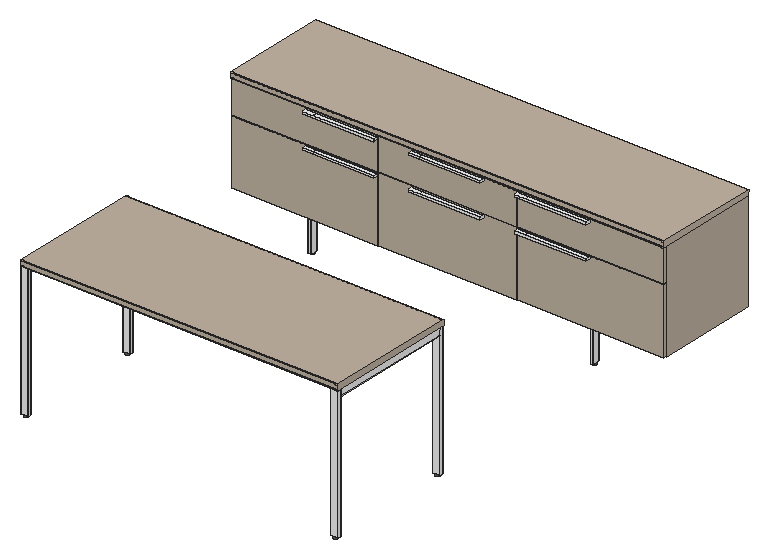
Revit family "FLT013", category Furniture, Revit 2015
Parameters
  Series = "Flux Laminate"
  Manufacturer = "JSI"
  Description = "FLT013"
Reference planes (in)
  plane 1 "Center Front/Back": y = 0
  plane 2: z = 0
  plane 3 "Center Left/Right": x = 0
Dimensions and locks (in)
  aligned and locked: level to plane 2
Nested families (in)
  nested 1: "JSI-Flux-Table_Desk" at (42.18587, -81.25, 0) x (-1, 0, 0) z (0, 0, 1), type "FLT2866TD,Laminate 66x27.5 Table Desk"
    with Modesty Panel no, Width 5' - 6", Depth 2' - 3 1/2"
  nested 2: "JSI-Flux- File_Strg_Crdnz_Fls_Lg" at (36.06413, -10.75, 0), type "FLT2290-29S666, Lt File Crdnz, Int Lg, Laminate"
    with Width 7' - 6", Top Doors yes, R_Shocket Dist 7' - 7", R_Pull Dist 4' - 11.61979", R_Pull yes, R1_Partition yes, Leg Width 4' - 11.85417", L_Socket Dist 7' - 7", Shelf Width 2' - 4.95833", Shelf Array Dist 0' - 0", Partition Dist 2' - 4.95833", L_Pull Dist 2' - 6.38021", L_Pull yes, L2_Partition yes, Glide yes, L909 no, L666 yes, L0 no, Ext_Shelf Width 2' - 5.70833", Door Width 2' - 6.33333", Door Height 1' - 1 9/16", Door Array Dist 4' - 11.41667", Door yes, C_Pull Dist 3' - 9", C_Pull yes, C_Doors yes, # of Shelf 2
Definition of nested family "JSI-Flux-Table_Desk"
  Parameters (values of type "Table Desk - Type Catalog Family")
    Worksurface = none
    Width = 6' - 0"
    URL = "www.jsifurniture.com"
    Type Comments = ""
    Series = "FLUX"  # constant formula
    Modesty Panel [instance] = yes
    Legs = none
    Model = "FLT3472TD"
    Material = ""
    Manufacturer = "JSI"  # constant formula
    Keynote = "12500"
    JSI Enviromental Website = "http://www.jsifurniture.com/jsi_sustainability_intro.php"
    Height = 2' - 5"
    Glides = none
    Support = none
    Description = "Table Desk, Depth 33.5”, Width 72”, Height 29”, Laminate"
    Depth = 2' - 9 1/2"
    Panel = none
    Assembly Code = "E2020200"
  Reference planes (in)
    plane 1: z = 0
    plane 2 "Center (Left/Right)": x = -36.06413
    plane 3: z = 29
    plane 4: z = 27.8125
    plane 5 "Center (Front/Back)": y = 10.75
    plane 6: z = 0.3125
    plane 7: x = -0.06413
    plane 8: x = 35.93587
    plane 9: y = -6
    plane 10: y = -22.75
  Forms (in)
    Sweep 1, solid, material <- "Worksurface"
      path origin (0, 0, 0) x (1, 0, 0) y (0, 1, 0)
        loop
          line (-36.06413, -6) -> (35.93587, -6)
      profile origin (-0.06413, -6, 0) x (0, 1, 0) y (0, 0, 1)
        loop
          line (16.625, 29) -> (-16.625, 29)
          arc (-16.625, 29) -> (-16.71339, 28.96339) -> (-16.75, 28.875) r 0.125
          line (-16.75, 28.875) -> (-16.75, 27.9375)
          arc (-16.75, 27.9375) -> (-16.71339, 27.84911) -> (-16.625, 27.8125) r 0.125
          line (-16.625, 27.8125) -> (16.625, 27.8125)
          arc (16.625, 27.8125) -> (16.71339, 27.84911) -> (16.75, 27.9375) r 0.125
          line (16.75, 27.9375) -> (16.75, 28.875)
          arc (16.75, 28.875) -> (16.71339, 28.96339) -> (16.625, 29) r 0.125
    Sweep 2, solid, material <- "Legs"
      path origin (0, 0, 0) x (1, 0, 0) y (0, 0, 1)
        loop
          line (-35.2498, 0.3125) -> (-35.2498, 27.8125)
      profile origin (-35.2498, 0, 14.0625) x (-1, 0, 0) y (0, -1, 0)
        loop
          line (-0.74817, -9.9375) -> (-0.74817, -10.5625)
          arc (-0.74817, -10.5625) -> (-0.72986, -10.60669) -> (-0.68567, -10.625) r 0.0625
          line (-0.68567, -10.625) -> (0.68933, -10.625)
          arc (0.68933, -10.625) -> (0.73353, -10.60669) -> (0.75183, -10.5625) r 0.0625
          line (0.75183, -10.5625) -> (0.75183, -9.9375)
          arc (0.75183, -9.9375) -> (0.73353, -9.89331) -> (0.68933, -9.875) r 0.0625
          line (0.68933, -9.875) -> (-0.68567, -9.875)
          arc (-0.68567, -9.875) -> (-0.72986, -9.89331) -> (-0.74817, -9.9375) r 0.0625
        loop
          line (-0.68567, 21.875) -> (0.68933, 21.875)
          arc (0.68933, 21.875) -> (0.73353, 21.89331) -> (0.75183, 21.9375) r 0.0625
          line (0.75183, 21.9375) -> (0.75183, 22.5625)
          arc (0.75183, 22.5625) -> (0.73353, 22.60669) -> (0.68933, 22.625) r 0.0625
          line (0.68933, 22.625) -> (-0.68567, 22.625)
          arc (-0.68567, 22.625) -> (-0.72986, 22.60669) -> (-0.74817, 22.5625) r 0.0625
          line (-0.74817, 22.5625) -> (-0.74817, 21.9375)
          arc (-0.74817, 21.9375) -> (-0.72986, 21.89331) -> (-0.68567, 21.875) r 0.0625
        loop
          line (-69.68567, -9.875) -> (-71.06067, -9.875)
          arc (-71.06067, -9.875) -> (-71.10486, -9.89331) -> (-71.12317, -9.9375) r 0.0625
          line (-71.12317, -9.9375) -> (-71.12317, -10.5625)
          arc (-71.12317, -10.5625) -> (-71.10486, -10.60669) -> (-71.06067, -10.625) r 0.0625
          line (-71.06067, -10.625) -> (-69.68567, -10.625)
          arc (-69.68567, -10.625) -> (-69.64147, -10.60669) -> (-69.62317, -10.5625) r 0.0625
          line (-69.62317, -10.5625) -> (-69.62317, -9.9375)
          arc (-69.62317, -9.9375) -> (-69.64147, -9.89331) -> (-69.68567, -9.875) r 0.0625
        loop
          line (-71.06067, 21.875) -> (-69.68567, 21.875)
          arc (-69.68567, 21.875) -> (-69.64147, 21.89331) -> (-69.62317, 21.9375) r 0.0625
          line (-69.62317, 21.9375) -> (-69.62317, 22.5625)
          arc (-69.62317, 22.5625) -> (-69.64147, 22.60669) -> (-69.68567, 22.625) r 0.0625
          line (-69.68567, 22.625) -> (-71.06067, 22.625)
          arc (-71.06067, 22.625) -> (-71.10486, 22.60669) -> (-71.12317, 22.5625) r 0.0625
          line (-71.12317, 22.5625) -> (-71.12317, 21.9375)
          arc (-71.12317, 21.9375) -> (-71.10486, 21.89331) -> (-71.06067, 21.875) r 0.0625
    Sweep 3, solid, material <- "Legs"
      path origin (0, 0, 0) x (1, 0, 0) y (0, 1, 0)
        loop
          line (-35.6724, 9.875) -> (-35.6724, -21.875)
      profile origin (-35.6724, -6, 0) x (1, 0, 0) y (0, 0, 1)
        loop
          line (0.42076, 26.375) -> (0.42076, 27.75)
          arc (0.42076, 27.75) -> (0.40246, 27.79419) -> (0.35826, 27.8125) r 0.0625
          line (0.35826, 27.8125) -> (-0.26674, 27.8125)
          arc (-0.26674, 27.8125) -> (-0.31093, 27.79419) -> (-0.32924, 27.75) r 0.0625
          line (-0.32924, 27.75) -> (-0.32924, 26.375)
          arc (-0.32924, 26.375) -> (-0.31093, 26.33081) -> (-0.26674, 26.3125) r 0.0625
          line (-0.26674, 26.3125) -> (0.35826, 26.3125)
          arc (0.35826, 26.3125) -> (0.40246, 26.33081) -> (0.42076, 26.375) r 0.0625
        loop
          line (70.85826, 26.3125) -> (71.48326, 26.3125)
          arc (71.48326, 26.3125) -> (71.52746, 26.33081) -> (71.54576, 26.375) r 0.0625
          line (71.54576, 26.375) -> (71.54576, 27.75)
          arc (71.54576, 27.75) -> (71.52746, 27.79419) -> (71.48326, 27.8125) r 0.0625
          line (71.48326, 27.8125) -> (70.85826, 27.8125)
          arc (70.85826, 27.8125) -> (70.81407, 27.79419) -> (70.79576, 27.75) r 0.0625
          line (70.79576, 27.75) -> (70.79576, 26.375)
          arc (70.79576, 26.375) -> (70.81407, 26.33081) -> (70.85826, 26.3125) r 0.0625
    Sweep 4, solid, material <- "Glides"
      path origin (0, 0, 0) x (1, 0, 0) y (0, 0, 1)
        loop
          line (-35.25553, 0) -> (-35.25553, 0.3125)
      profile origin (-35.25553, 0, 0.15625) x (-1, 0, 0) y (0, -1, 0)
        loop
          circle (-0.00339, -10.26193) r 0.42257
        loop
          circle (0.00881, 22.27152) r 0.46312
        loop
          circle (-70.37941, -10.26193) r 0.42257
        loop
          circle (-70.3916, 22.27152) r 0.46312
  Lines and regions (in)
    symbolic lines
      curve 1: line (35.93587, 10.75, 0) -> (-36.06413, 10.75, 0)
      curve 2: line (-36.06413, 10.75, 0) -> (-36.06413, -22.75, 0)
      curve 3: line (35.93587, 10.75, 0) -> (35.93587, -22.75, 0)
      curve 4: line (-36.06413, -22.75, 0) -> (35.93587, -22.75, 0)
    symbolic lines, detail levels fine
      curve 5: line (-35.93913, 9.875, 0) -> (-34.56413, 9.875, 0)
      curve 6: arc (-34.56413, 9.875, 0) -> (-34.51994, 9.89331, 0) -> (-34.50163, 9.9375, 0) r 0.0625
      curve 7: line (-34.50163, 9.9375, 0) -> (-34.50163, 10.5625, 0)
      curve 8: arc (-34.50163, 10.5625, 0) -> (-34.51994, 10.60669, 0) -> (-34.56413, 10.625, 0) r 0.0625
      curve 9: line (-34.56413, 10.625, 0) -> (-35.93913, 10.625, 0)
      curve 10: arc (-35.93913, 10.625, 0) -> (-35.98333, 10.60669, 0) -> (-36.00163, 10.5625, 0) r 0.0625
      curve 11: line (-36.00163, 10.5625, 0) -> (-36.00163, 9.9375, 0)
      curve 12: arc (-36.00163, 9.9375, 0) -> (-35.98333, 9.89331, 0) -> (-35.93913, 9.875, 0) r 0.0625
      curve 13: line (-34.56413, -21.875, 0) -> (-35.93913, -21.875, 0)
      curve 14: arc (-35.93913, -21.875, 0) -> (-35.98333, -21.89331, 0) -> (-36.00163, -21.9375, 0) r 0.0625
      curve 15: line (-36.00163, -21.9375, 0) -> (-36.00163, -22.5625, 0)
      curve 16: arc (-36.00163, -22.5625, 0) -> (-35.98333, -22.60669, 0) -> (-35.93913, -22.625, 0) r 0.0625
      curve 17: line (-35.93913, -22.625, 0) -> (-34.56413, -22.625, 0)
      curve 18: arc (-34.56413, -22.625, 0) -> (-34.51994, -22.60669, 0) -> (-34.50163, -22.5625, 0) r 0.0625
      curve 19: line (-34.50163, -22.5625, 0) -> (-34.50163, -21.9375, 0)
      curve 20: arc (-34.50163, -21.9375, 0) -> (-34.51994, -21.89331, 0) -> (-34.56413, -21.875, 0) r 0.0625
      curve 21: line (35.81087, -21.875, 0) -> (34.43587, -21.875, 0)
      curve 22: arc (34.43587, -21.875, 0) -> (34.39167, -21.89331, 0) -> (34.37337, -21.9375, 0) r 0.0625
      curve 23: line (34.37337, -21.9375, 0) -> (34.37337, -22.5625, 0)
      curve 24: arc (34.37337, -22.5625, 0) -> (34.39167, -22.60669, 0) -> (34.43587, -22.625, 0) r 0.0625
      curve 25: line (34.43587, -22.625, 0) -> (35.81087, -22.625, 0)
      curve 26: arc (35.81087, -22.625, 0) -> (35.85506, -22.60669, 0) -> (35.87337, -22.5625, 0) r 0.0625
      curve 27: line (35.87337, -22.5625, 0) -> (35.87337, -21.9375, 0)
      curve 28: arc (35.87337, -21.9375, 0) -> (35.85506, -21.89331, 0) -> (35.81087, -21.875, 0) r 0.0625
      curve 29: line (34.43587, 9.875, 0) -> (35.81087, 9.875, 0)
      curve 30: arc (35.81087, 9.875, 0) -> (35.85506, 9.89331, 0) -> (35.87337, 9.9375, 0) r 0.0625
      curve 31: line (35.87337, 9.9375, 0) -> (35.87337, 10.5625, 0)
      curve 32: arc (35.87337, 10.5625, 0) -> (35.85506, 10.60669, 0) -> (35.81087, 10.625, 0) r 0.0625
      curve 33: line (35.81087, 10.625, 0) -> (34.43587, 10.625, 0)
      curve 34: arc (34.43587, 10.625, 0) -> (34.39167, 10.60669, 0) -> (34.37337, 10.5625, 0) r 0.0625
      curve 35: line (34.37337, 10.5625, 0) -> (34.37337, 9.9375, 0)
      curve 36: arc (34.37337, 9.9375, 0) -> (34.39167, 9.89331, 0) -> (34.43587, 9.875, 0) r 0.0625
      curve 37: arc (35.54645, 10.26193, 0) -> (35.12388, 10.6845, 0) -> (34.7013, 10.26193, 0) r 0.42257
      curve 38: arc (34.7013, 10.26193, 0) -> (35.12388, 9.83936, 0) -> (35.54645, 10.26193, 0) r 0.42257
      curve 39: arc (35.59919, -22.27152, 0) -> (35.13607, -21.8084, 0) -> (34.67295, -22.27152, 0) r 0.46312
      curve 40: arc (34.67295, -22.27152, 0) -> (35.13607, -22.73464, 0) -> (35.59919, -22.27152, 0) r 0.46312
      curve 41: arc (-34.80122, -22.27152, 0) -> (-35.26434, -21.8084, 0) -> (-35.72746, -22.27152, 0) r 0.46312
      curve 42: arc (-35.72746, -22.27152, 0) -> (-35.26434, -22.73464, 0) -> (-34.80122, -22.27152, 0) r 0.46312
      curve 43: arc (-34.82957, 10.26193, 0) -> (-35.25214, 10.6845, 0) -> (-35.67472, 10.26193, 0) r 0.42257
      curve 44: arc (-35.67472, 10.26193, 0) -> (-35.25214, 9.83936, 0) -> (-34.82957, 10.26193, 0) r 0.42257
      curve 45: line (-35.25163, 9.875, 0) -> (-35.25163, -21.875, 0)
      curve 46: line (-36.00163, -21.9375, 0) -> (-36.00163, 9.9375, 0)
      curve 47: line (35.12337, -21.875, 0) -> (35.12337, 9.875, 0)
      curve 48: line (35.87337, 9.9375, 0) -> (35.87337, -21.9375, 0)
  Dimensions and locks (in)
    "Height": plane 3 to level
    locked: plane 3 to plane 4 at 1.1875
    equal spacing: plane 2 "Center (Left/Right)", plane 7, plane 8
    "Width": plane 2 "Center (Left/Right)" to plane 8
    equal spacing: plane 10, plane 9, plane 5 "Center (Front/Back)"
    "Depth": plane 10 to plane 5 "Center (Front/Back)"
    Sweep 2 sketch curve to Sweep 2 sketch curve to plane 8 = 0' - 1 1/2" locked, 0' - 0 1/16" locked  (x2)
    Sweep 2 sketch curve to Sweep 2 sketch curve to plane 10 = 0' - 0 3/4" locked, 0' - 0 1/8" locked  (x2)
    locked: Sweep 3 sketch curve to plane 10 at 0.875
    locked: Sweep 3 sketch curve to plane 5 "Center (Front/Back)" at 0.875
    plane 8 to Sweep 3 sketch curve to Sweep 3 sketch curve = 0' - 0 1/16" locked, 0' - 0 3/4" locked
    locked: Sweep 4 sketch curve to plane 10 at 0.47848  (x2)
    locked: Sweep 4 sketch curve to plane 8 at 0.79979
    locked: Sweep 4 sketch curve to plane 8 at 0.81199
    aligned and locked: level to plane 1
    aligned and locked: plane 8 to Sweep 1 sketch curve
    aligned and locked: plane 2 "Center (Left/Right)" to Sweep 1 sketch curve
    aligned and locked: plane 3 to Sweep 1 sketch curve
    aligned and locked: plane 5 "Center (Front/Back)" to Sweep 1 sketch curve
    aligned and locked: plane 10 to Sweep 1 sketch curve
    aligned and locked: plane 4 to Sweep 1 sketch curve
    aligned and locked: plane 4 to Sweep 2 sketch curve
    aligned and locked: plane 6 to Sweep 2 sketch curve
    aligned and locked: plane 7 to nested 1
    aligned and locked: plane 5 "Center (Front/Back)" to nested 1
  Automatic sketch dimensions
    Sweep 1 sketch curve to plane 9 = 0' - 0"
    plane 2 "Center (Left/Right)" to Sweep 2 sketch curve = 0' - 0.81433"
    Sweep 2 sketch curve to Sweep 2 sketch curve = 0' - 0 1/16"  (x14)
    profile plane to Sweep 2 sketch curve = 0' - 0.74817"  (x2)
    Sweep 2 sketch curve to profile plane = 0' - 0.68933"  (x2)
    Sweep 2 sketch curve to Sweep 2 sketch curve = 0' - 0"  (x2)
    Sweep 2 sketch curve to profile plane = 0' - 9 7/8"  (x2)
    Sweep 2 sketch curve to Sweep 2 sketch curve = 0' - 0 5/8"  (x2)
    plane 2 "Center (Left/Right)" to Sweep 3 sketch curve = 0' - 0.39174"
    Sweep 3 sketch curve to profile plane = 0' - 0.42076"
    Sweep 3 sketch curve to Sweep 3 sketch curve = 0' - 0 1/16"  (x7)
    profile plane to Sweep 3 sketch curve = 0' - 0.26674"  (x2)
    level to Sweep 3 sketch curve = 2' - 2 5/16"  (x2)
    Sweep 3 sketch curve to Sweep 3 sketch curve = 0' - 1 3/8"  (x2)
    Sweep 4 sketch curve to plane 6 = 0' - 0"
    Sweep 4 sketch curve to level = 0' - 0"
    plane 2 "Center (Left/Right)" to Sweep 4 sketch curve = 0' - 0 207/256"
    Sweep 4 sketch curve to profile plane = 0' - 10.26193"  (x2)
    profile plane to Sweep 4 sketch curve = 0' - 0.00339"
    Sweep 4 sketch curve to profile plane = 0' - 0.00881"
    curve 42 to curve 45 = 0' - 0.01271"
    Sweep 1 sketch curve to Sweep 1 sketch curve = 0' - 0 1/8"  (x4)
    curve 1 to plane 2 "Center (Left/Right)" = 0' - 0"
    curve 3 to plane 8 = 0' - 0"
    curve 4 to plane 10 = 0' - 0"
    plane 5 "Center (Front/Back)" to curve 2 = 0' - 0"
    plane 2 "Center (Left/Right)" to curve 46 = 0' - 0 1/16"
    curve 12 to curve 5 = 0' - 0 1/16"
    curve 14 to curve 13 = 0' - 0 1/16"
    curve 16 to curve 17 = 0' - 0 1/16"
    curve 10 to curve 9 = 0' - 0 1/16"
    curve 16 to curve 42 = 0' - 0.67479"
    curve 44 to curve 45 = 0' - 0.00051"
    plane 5 "Center (Front/Back)" to curve 8 = 0' - 0 3/16"
    curve 43 to curve 8 = 0' - 0.68801"
    plane 10 to curve 18 = 0' - 0 3/16"
    curve 41 to curve 18 = 0' - 0.70021"
    curve 20 to curve 18 = 0' - 0"
    curve 5 to curve 8 = 0' - 0"
    curve 6 to curve 7 = 0' - 0 1/16"
    curve 20 to curve 19 = 0' - 0 1/16"
    plane 5 "Center (Front/Back)" to curve 35 = 0' - 0 3/16"
    curve 35 to plane 8 = 0' - 1 9/16"
    curve 23 to plane 8 = 0' - 1 9/16"
    curve 23 to curve 25 = 0' - 0 1/16"
    curve 35 to curve 36 = 0' - 0 1/16"
    curve 35 to curve 34 = 0' - 0 1/16"
    curve 23 to curve 22 = 0' - 0 1/16"
    curve 34 to curve 38 = 0' - 0.68801"
    curve 24 to curve 40 = 0' - 0.70021"
    curve 33 to plane 8 = 0' - 0 1/8"
    curve 21 to plane 8 = 0' - 0 1/8"
    curve 25 to plane 8 = 0' - 0 1/8"
    curve 30 to plane 8 = 0' - 0 1/8"
    curve 27 to plane 8 = 0' - 0 1/16"
    plane 10 to curve 25 = 0' - 0 1/8"
    plane 10 to curve 42 = 0' - 0.47848"
    plane 10 to curve 39 = 0' - 0.47848"
    curve 41 to curve 46 = 0' - 0.33402"
    curve 39 to curve 28 = 0' - 0.33402"
    curve 29 to curve 32 = 0' - 0 11/16"
    curve 45 to curve 44 = 0' - 0.38693"
    curve 47 to curve 38 = 0' - 0.38693"
    plane 2 "Center (Left/Right)" to curve 42 = 0' - 0.33667"
    plane 2 "Center (Left/Right)" to curve 43 = 0' - 0.38942"
    curve 24 to curve 40 = 0' - 0.23708"
    curve 34 to curve 37 = 0' - 0.26544"
    curve 47 to curve 37 = 0' - 0.00051"
    curve 43 to curve 44 = 0' - 0"
    curve 5 to curve 8 = 0' - 0 11/16"
    radius of Sweep 4 sketch curve = 0' - 0.42257"  (x2)
    radius of Sweep 4 sketch curve = 0' - 0.46312"  (x2)
  Nested families (in)
    nested 1: "Mod" at (0, 0, 0), Width <- "Width", Support <- "Support", Panel <- "Panel", Modesty Panel <- "Modesty Panel", type "Mod"
      with Width 6' - 0", Support none, Panel none, Modesty Panel yes
  Definition of nested family "Mod"
    Parameters
      Width [instance] = 7' - 0"
      URL = ""
      Type Comments = ""
      Series = ""
      Modesty Panel [instance] = yes
      Model = ""
      Manufacturer = ""
      Keynote = ""
      Support [instance] = none
      Description = ""
      Panel [instance] = none
      Assembly Code = ""
    Reference planes (in)
      plane 1: z = 0
      plane 2 "Center (Left/Right)": x = -36.06413
      plane 3: z = 29
      plane 4: z = 27.8125
      plane 5 "Center (Front/Back)": y = 10.75
      plane 6: z = 0.3125
      plane 7: x = 5.93587
      plane 8: x = 47.93587
    Forms (in)
      Extrusion 1, solid, material <- "Panel", visible <- "Modesty Panel"
        sketch origin (-36.06413, 7.06592, 48) x (0, 1, 0) y (0, 0, 1)
          loop
            line (-2.31592, -21.688) -> (-3.06592, -21.688) -> (-3.06592, -33.688) -> (-2.31592, -33.688) -> (-2.31592, -21.688)
        from 3 to 81
      Extrusion 2, solid, material <- "Support", visible <- "Modesty Panel"
        sketch origin (0, 0, 0) x (1, 0, 0) y (0, 1, 0)
          loop
            circle (-25.56448, 4.37443) r 0.18835
          loop
            circle (37.43621, 4.37443) r 0.18835
        from 26.312 to 27.6245
      Extrusion 3, solid, material <- "Support", visible <- "Modesty Panel"
        sketch origin (0, 0, 0) x (1, 0, 0) y (0, 1, 0)
          loop
            line (-25.89954, 5.54271) -> (-26.89954, 3.54271)
            arc (-26.89954, 3.54271) -> (-26.88313, 3.17785) -> (-26.56413, 3) r 0.375
            line (-26.56413, 3) -> (-24.56413, 3)
            arc (-24.56413, 3) -> (-24.24514, 3.17785) -> (-24.22872, 3.54271) r 0.375
            line (-24.22872, 3.54271) -> (-25.22872, 5.54271)
            arc (-25.22872, 5.54271) -> (-25.56413, 5.75) -> (-25.89954, 5.54271) r 0.375
          loop
            arc (37.77128, 5.54271) -> (37.43587, 5.75) -> (37.10046, 5.54271) r 0.375
            line (37.10046, 5.54271) -> (36.10046, 3.54271)
            arc (36.10046, 3.54271) -> (36.11687, 3.17785) -> (36.43587, 3) r 0.375
            line (36.43587, 3) -> (38.43587, 3)
            arc (38.43587, 3) -> (38.75486, 3.17785) -> (38.77128, 3.54271) r 0.375
            line (38.77128, 3.54271) -> (37.77128, 5.54271)
        from 27.6245 to 27.8125
    Lines and regions (in)
      symbolic lines, visible <- "Modesty Panel", detail levels fine
        curve 1: line (44.93587, 4.75, 0) -> (-33.06413, 4.75, 0)
        curve 2: line (-33.06413, 4.75, 0) -> (-33.06413, 4, 0)
        curve 3: line (-33.06413, 4, 0) -> (44.93587, 4, 0)
        curve 4: line (44.93587, 4, 0) -> (44.93587, 4.75, 0)
    Dimensions and locks (in)
      plane 3 to level = 2' - 5"
      locked: plane 3 to plane 4 at 1.1875
      equal spacing: plane 2 "Center (Left/Right)", plane 7, plane 8
      "Width": plane 2 "Center (Left/Right)" to plane 8
      plane 4 to Extrusion 1 = 0' - 1.5005"
      locked: plane 2 "Center (Left/Right)" to Extrusion 1 at 3
      locked: Extrusion 1 to plane 8 at 3
      plane 2 "Center (Left/Right)" to Extrusion 3 sketch curve to Extrusion 3 sketch curve to Extrusion 3 sketch curve = 0' - 9 1/2" locked, 0' - 1" locked, 0' - 1" locked
      Extrusion 3 sketch curve to Extrusion 3 sketch curve to Extrusion 3 sketch curve to plane 8 = 0' - 1" locked, 0' - 1" locked, 0' - 9 1/2" locked
      aligned and locked: level to plane 1
      aligned and locked: Extrusion 1 to curve 1  (x2)
      aligned and locked: Extrusion 2 to Extrusion 1
      aligned and locked: plane 4 to Extrusion 3
      aligned and locked: Extrusion 3 to Extrusion 2
    Automatic sketch dimensions
      Extrusion 1 sketch curve to plane 4 = 0' - 1.5005"
      plane 5 "Center (Front/Back)" to Extrusion 1 sketch curve = 0' - 6 3/4"
      Extrusion 1 sketch curve to Extrusion 1 sketch curve = 0' - 0 3/4"
      Extrusion 1 sketch curve to Extrusion 1 sketch curve = 1' - 0"
      plane 5 "Center (Front/Back)" to curve 3 = 0' - 6 3/4"
      curve 2 to curve 2 = 0' - 0 3/4"
      plane 2 "Center (Left/Right)" to Extrusion 2 sketch curve = 0' - 10.49965"
      Extrusion 2 sketch curve to plane 8 = 0' - 10.49965"
      plane 5 "Center (Front/Back)" to Extrusion 2 sketch curve = 0' - 6.37557"  (x2)
      Extrusion 3 sketch curve to Extrusion 3 sketch curve = 0' - 0.33541"  (x7)
      plane 5 "Center (Front/Back)" to Extrusion 3 sketch curve = 0' - 5.20729"  (x3)
      plane 5 "Center (Front/Back)" to Extrusion 3 sketch curve = 0' - 7.20729"  (x2)
      Extrusion 3 sketch curve to Extrusion 3 sketch curve = 0' - 2.16771"  (x2)
      Extrusion 3 sketch curve to Extrusion 3 sketch curve = 0' - 0.16771"  (x4)
      radius of Extrusion 2 sketch curve = 0' - 0.18835"  (x2)
Definition of nested family "JSI-Flux- File_Strg_Crdnz_Fls_Lg"
  Parameters (values of type "Type Catalog - File Strg Crdnz, Fls Lg")
    Worksurface = none
    Width = 8' - 0"
    URL = "www.jsifurniture.com"
    Type Comments = ""
    Top Doors = if(L909, 1 > 2, (if(L090, 1 > 2, (if(L09, 1 > 2, (if(L0, 1 > 2, 2 > 1)))))))  # no
    TAG = if(L666, "BF - BF - BF", (if(L66, (if(L0, "Open", "BF - BF")), (if(L066, "Open - BF - BF", (if(L660, "BF - BF - Open", (if(L06, "Open - BF", (if(L60, "BF - Open", (if(L606, "BF - Open - BF", (if(L060, (if(L0, "Open", "Open - BF - Open")), (if(L909, "1 Door - Open - 1 Door", (if(L090, "Open - 1 Door - Open", (if(L09, (if(L0, "Open", "Open - 1 Door")), "Open")))))))))))))))))))))  # "1 Door - Open - 1 Door"
    R_Shocket Dist = if(L666, Width + 0' 1", (if(L066, Width + 0' 1", (if(L606, ((Width / 2) - 0' 3"), ((Partition Dist / 2) + 0' 0 13/16" - 0' 3"))))))  # 1' - 1.29167"
    R_Pull Dist = if(L66, (Door Width + 0' 0 1/4" + 0' 0 5/64"), (if(L06, (Door Width + 0' 0 1/4" + 0' 0 5/64"), (Door Width + (Width - ((Door Width + 0' 0 1/8") * 2) + 0' 0 13/64")))))  # 5' - 3.61979"
    R_Pull = if(L660, 1 > 2, (if(L60, 1 > 2, (if(L060, 1 > 2, (if(L909, 1 > 2, (if(L090, 1 > 2, (if(L09, 1 > 2, (if(L0, 1 > 2, 2 > 1)))))))))))))  # no
    R2_Partition = if(L660, 1 > 2, (if(L60, 1 > 2, (if(L09, 1 > 2, (if(Width < 3' 4", 1 > 2, 2 > 1)))))))  # yes
    R1_Partition = if(L06, 1 > 2, (if(L606, 1 > 2, (if(L060, 1 > 2, (if(L909, 1 > 2, (if(L090, 1 > 2, (if(Width < 3' 4", 1 > 2, 2 > 1)))))))))))  # no
    Legs = none
    Leg Width = if(Flush Legs, Width, Width - (((Partition Dist / 2) + 0' 0 3/4" + 0' 0 1/16" - 0' 0 7/32") * 2))  # 5' - 3.85417"
    Leg Depth = Depth - 0' 0 7/8" - 0' 0 1/16"  # 1' - 9 1/16"
    L_Socket Dist = if(L666, Width + 0' 1", (if(L660, Width + 0' 1", (if(L606, ((Width / 2) - 0' 3"), ((Partition Dist / 2) + 0' 0 13/16" - 0' 3"))))))  # 1' - 1.29167"
    Shelf Width = if(Width < 3' 6", Partition Dist + 0' 0 3/4", (if(L066, Partition Dist + 0' 0 3/4", (if(L660, Partition Dist + 0' 0 3/4", (if(L06, Partition Dist + 0' 0 3/4", (if(L60, Partition Dist + 0' 0 3/4", Partition Dist)))))))))  # 2' - 6.95833"
    Shelf Dist. = if(L660, ((Partition Dist * 2) + 0' 0 3/4" + 0' 0 13/16"), (if(L60, (Partition Dist + 0' 0 3/4" + 0' 0 13/16"), (if(L606, (Partition Dist + 0' 0 3/4" + 0' 0 13/16"), 0' 0 13/16")))))  # 0' - 0 13/16"
    Shelf Array Dist = if(L060, (if(L0, (if(Width > 3' 0", Shelf Width + 0' 0 3/4", 0' 0")), ((Shelf Width * 2) + 0' 1 1/2"))), (if(L909, Shelf Width + 0' 0 3/4", (if(L090, Shelf Width + 0' 0 3/4", 0' 0")))))  # 2' - 7.70833"
    Partition Dist = if(Width > 6' 6", ((Width - 0' 1 5/8" - 0' 1 1/2") / 3), (if(Width > 3' 0", (((Width - 0' 1 5/8") / 2) - 0' 0 3/4"), (Width - 0' 0 3/4" - 0' 1 5/8"))))  # 2' - 6.95833"
    Shelf = none
    Series = "FLUX"  # constant formula
    Pull Finish = none
    Model = ""
    Manufacturer = "JSI"  # constant formula
    L_Pull Dist = Door Width + 0' 0 1/8" - 0' 0 5/64"  # 2' - 8.38021"
    L_Pull = if(L066, 1 > 2, (if(L06, 1 > 2, (if(L060, 1 > 2, (if(L909, 1 > 2, (if(L090, 1 > 2, (if(L09, 1 > 2, (if(L0, 1 > 2, 2 > 1)))))))))))))  # no
    L2_Partition = if(L60, 1 > 2, (if(L606, 1 > 2, (if(L060, 1 > 2, (if(L909, 1 > 2, (if(L090, 1 > 2, (if(L09, 1 > 2, (if(Width < 3' 4", 1 > 2, 2 > 1)))))))))))))  # no
    L1_Partition = if(L066, 1 > 2, (if(L06, 1 > 2, (if(Width < 3' 4", 1 > 2, 2 > 1)))))  # yes
    Keynote = "12500"
    JSI Enviromental Website = "http://www.jsifurniture.com/jsi_sustainability_intro.php"
    Height = 2' - 5"
    Glides = none
    Glide = if(L0, 1 > 2, 2 > 1)  # no
    Flush Legs = no
    L909 = yes
    L666 = no
    L660 = no
    L66 = no
    L606 = no
    L60 = no
    L090 = no
    L09 = no
    L066 = no
    L060 = no
    L06 = no
    L0 = yes
    Ext_Shelf Width = Shelf Width + 0' 0 3/4"  # 2' - 7.70833"
    Ext_Shelf = if(L09, 2 > 1, (if(L60, 2 > 1, 1 > 2)))  # no
    Door Width = if(L09, Partition Dist + 0' 1 3/8" + 0' 0 3/4", Partition Dist + 0' 1 3/8")  # 2' - 8.33333"
    Door Height = if(L909, (Height - 0' 1 5/16" - 0' 0 7/16" - 0' 6 7/8"), (if(L090, (Height - 0' 1 5/16" - 0' 0 7/16" - 0' 6 7/8"), if(L09, (Height - 0' 1 5/16" - 0' 0 7/16" - 0' 6 7/8"), ((Height - 0' 1 5/16" - 0' 0 7/16" - 0' 0 1/8") / 2)))))  # 1' - 8 3/8"
    Door Dist = if(L066, ((Partition Dist * 2) + 0' 1 5/8"), (if(L06, (Partition Dist + 0' 1 5/8"), (if(L060, (Partition Dist + 0' 0 7/8"), (if(L090, (Partition Dist + 0' 0 7/8"), (if(L09, (Partition Dist + 0' 0 7/8"), 0' 0 1/8")))))))))  # 0' - 0 1/8"
    Door Array Dist = if(L606, (Door Width + Partition Dist + 0' 0 1/8"), (if(L909, (Door Width + Partition Dist + 0' 0 1/8"), (if(L666, (Door Width + Partition Dist + 0' 0 1/8"), (if(L66, (Door Width + 0' 0 1/8"), 0' 0")))))))  # 5' - 3.41667"
    Door = if(L0, 1 > 2, 2 > 1)  # no
    C_Pull Dist = if(L066, Door Width + 0' 0 1/8" + 0' 7 55/128" + 0' 0 13/64", (if(L660, (Door Width + (Width - ((Door Width + 0' 0 1/8") * 2) - 0' 0 5/64" - 0' 7 55/128")), Width / 2)))  # 4' - 0"
    C_Pull = if(L666, 2 > 1, (if(L066, 2 > 1, (if(L660, 2 > 1, (if(L060, (if(L0, 1 > 2, 2 > 1)), 1 > 2)))))))  # no
    C_Doors = if(L666, 2 > 1, (if(L066, 2 > 1, (if(L660, 2 > 1, 1 > 2)))))  # no
    Back Panel = none
    Door Front = none
    Description = ""
    Depth = 1' - 10"
    Chassis = none
    Assembly Code = "E2020200"
    # of Shelf = if(L909, 3, (if(L090, 3, (if(L0, (if(Width > 6' 6", 3, 2)), 2)))))  # 3
    # of Doors = 2
  Reference planes (in)
    plane 1: z = 0
    plane 2 "Center (Left/Right)": x = -36.06413
    plane 3 "Center (Front/Back)": y = 10.75
    plane 4: x = 59.93587
    plane 5: x = -36.00163
    plane 6: y = 10.6875
    plane 7: x = 59.87337
    plane 8: x = 11.93587
    plane 9: y = 10.625
    plane 10: y = -11.25
    plane 11: y = -11.125
    plane 12: y = -10.375
    plane 13: y = 9.875
    plane 14: y = 8.6875
    plane 15: y = 6.5
    plane 16: y = 6
    plane 17: y = 5.875
    plane 18: y = -6.375
    plane 19: y = -8.125
    plane 20: z = 7.1875
    plane 21: z = 8.375
    plane 22: z = 9.125
    plane 23: z = 29
    plane 24: z = 27.8125
    plane 25: z = 27.0625
    plane 26: z = 25.0625
    plane 27: z = 15.375
    plane 28: z = 20.875
    plane 29: z = 20.125
    plane 30: x = -4.2933
    plane 31: x = 28.16503
    plane 32: x = -3.5433
    plane 33: x = 27.41503
    plane 34: x = -35.25163
    plane 35: x = 59.12337
    plane 36: x = 9.93587
    plane 37: x = 13.93587
    plane 38: y = 8.4375
    plane 39: z = 17.875
    plane 40: x = -22.77247
    plane 41: x = -16.77247
    plane 42: x = 8.93587
    plane 43: x = 14.93587
    plane 44: y = 9.375
    plane 45: y = 6.875
    plane 46: z = 27.6875
    plane 47: z = 7.3125
    plane 48: z = 20.875
    plane 49: z = 21
    plane 50: x = -35.93913
    plane 51: x = 59.81087
    plane 52: x = -2.7933
    plane 53: x = 26.66503
    plane 54: x = -3.6058
    plane 55: x = -3.4808
    plane 56: x = 27.35253
    plane 57: x = 27.47753
    plane 58: x = -3.25163
    plane 59: x = 27.7067
    plane 60: x = -21.77247
    plane 61: x = -17.77247
    plane 62: x = 40.6442
    plane 63: x = 46.6442
    plane 64: x = 41.6442
    plane 65: x = 45.6442
    plane 66: x = -34.93913
    plane 67: x = 58.12337
    plane 68: y = -9.375
    plane 69: z = 27.48438
    plane 70: z = 20.67188
    plane 71: x = -3.68393
    plane 72: x = 11.93587
    plane 73: x = 27.55566
    plane 74: x = 11.93587
    plane 75: y = 0.15625
    plane 76: x = 11.93587
  Forms (in)
    Extrusion 1, solid, material <- "Chassis"
      sketch origin (0, 0, 0) x (1, 0, 0) y (0, 1, 0)
        loop
          line (-36.00163, 10.6875) -> (-36.00163, -10.375) -> (-35.25163, -10.375) -> (-35.25163, 10.6875) -> (-36.00163, 10.6875)
      from 7.1875 to 27.8125
    Extrusion 2, solid, material <- "Chassis"
      sketch origin (0, 0, 0) x (1, 0, 0) y (0, 1, 0)
        loop
          line (59.12337, 10.6875) -> (59.12337, -10.375) -> (59.87337, -10.375) -> (59.87337, 10.6875) -> (59.12337, 10.6875)
      from 7.1875 to 27.8125
    Extrusion 3, solid, material <- "Worksurface"
      sketch origin (0, 0, 0) x (0, 1, 0) y (0, 0, 1)
        loop
          line (6, 27.0625) -> (6, 27.8125) -> (-10.375, 27.8125) -> (-10.375, 27.0625) -> (6, 27.0625)
      from -35.25163 to 59.12337
    Extrusion 4, solid, material <- "Chassis"
      sketch origin (0, 0, 0) x (0, 1, 0) y (0, 0, 1)
        loop
          line (9.875, 9.125) -> (-10.375, 9.125) -> (-10.375, 8.375) -> (9.875, 8.375) -> (9.875, 9.125)
      from -35.25163 to 59.12337
    Extrusion 5, solid, material <- "Chassis", visible <- "L1_Partition"
      sketch origin (0, 0, 0) x (0, 1, 0) y (0, 0, 1)
        loop
          line (6.5, 27.0625) -> (-10.375, 27.0625) -> (-10.375, 9.125) -> (9.875, 9.125) -> (9.875, 25.0625) -> (7, 25.0625)
          arc (7, 25.0625) -> (6.64645, 25.20895) -> (6.5, 25.5625) r 0.5
          line (6.5, 25.5625) -> (6.5, 27.0625)
      from -4.2933 to -3.5433
    Extrusion 6, solid, material <- "Chassis", visible <- "R2_Partition"
      sketch origin (0, 0, 0) x (0, 1, 0) y (0, 0, 1)
        loop
          line (6.5, 27.0625) -> (-10.375, 27.0625) -> (-10.375, 9.125) -> (9.875, 9.125) -> (9.875, 25.0625) -> (7, 25.0625)
          arc (7, 25.0625) -> (6.64645, 25.20895) -> (6.5, 25.5625) r 0.5
          line (6.5, 25.5625) -> (6.5, 27.0625)
      from 27.41503 to 28.16503
    Extrusion 7, solid, material <- "Back Panel"
      sketch origin (0, 0, 0) x (0, 1, 0) y (0, 0, 1)
        loop
          line (8.6875, 27.8125) -> (8.6875, 25.0625) -> (9.875, 25.0625) -> (9.875, 27.8125) -> (8.6875, 27.8125)
      from -35.25163 to 59.12337
    Extrusion 8, solid, material <- "Chassis"
      sketch origin (0, 0, 0) x (0, 1, 0) y (0, 0, 1)
        loop
          line (9.875, 8.375) -> (5.875, 8.375) -> (5.875, 7.1875) -> (9.875, 7.1875) -> (9.875, 8.375)
      from -35.25163 to 59.12337
    Extrusion 9, solid, material <- "Chassis"
      sketch origin (0, 0, 0) x (0, 1, 0) y (0, 0, 1)
        loop
          line (-6.375, 8.375) -> (-10.375, 8.375) -> (-10.375, 7.1875) -> (-6.375, 7.1875) -> (-6.375, 8.375)
      from -35.25163 to 59.12337
    Extrusion 10, solid, material <- "Shelf"
      sketch origin (-32, 0, 5.84375) x (1, 0, 0) y (0, 1, 0)
        loop
          line (27.7067, -8.125) -> (27.7067, 9.875) -> (-3.25163, 9.875) -> (-3.25163, -8.125) -> (27.7067, -8.125)
      from 14.28125 to 15.03125
    Extrusion 11, solid, material <- "Back Panel"
      sketch origin (0, 0, 0) x (1, 0, 0) y (0, 1, 0)
        loop
          line (59.12337, 10.625) -> (-35.25163, 10.625) -> (-35.25163, 9.875) -> (59.12337, 9.875) -> (59.12337, 10.625)
      from 7.1875 to 27.8125
    Extrusion 12, solid, material <- "Chassis", visible <- "L2_Partition"
      sketch origin (0, 0, 0) x (0, 1, 0) y (0, 0, 1)
        loop
          line (6.5, 27.0625) -> (-10.375, 27.0625) -> (-10.375, 9.125) -> (9.875, 9.125) -> (9.875, 25.0625) -> (7, 25.0625)
          arc (7, 25.0625) -> (6.64645, 25.20895) -> (6.5, 25.5625) r 0.5
          line (6.5, 25.5625) -> (6.5, 27.0625)
      from -3.5433 to -2.7933
    Extrusion 13, solid, material <- "Chassis", visible <- "R1_Partition"
      sketch origin (0, 0, 0) x (0, 1, 0) y (0, 0, 1)
        loop
          line (6.5, 27.0625) -> (-10.375, 27.0625) -> (-10.375, 9.125) -> (9.875, 9.125) -> (9.875, 25.0625) -> (7, 25.0625)
          arc (7, 25.0625) -> (6.64645, 25.20895) -> (6.5, 25.5625) r 0.5
          line (6.5, 25.5625) -> (6.5, 27.0625)
      from 26.66503 to 27.41503
    Extrusion 14, void
      sketch origin (-1.5, 0, 0) x (1, 0, 0) y (0, 0, 1)
        loop
          line (-21.27247, 16.875) -> (-21.27247, 16.375)
          arc (-21.27247, 16.375) -> (-20.97957, 15.66789) -> (-20.27247, 15.375) r 1
          line (-20.27247, 15.375) -> (-16.27247, 15.375)
          arc (-16.27247, 15.375) -> (-15.56536, 15.66789) -> (-15.27247, 16.375) r 1
          line (-15.27247, 16.375) -> (-15.27247, 16.875)
          arc (-15.27247, 16.875) -> (-15.56536, 17.58211) -> (-16.27247, 17.875) r 1
          line (-16.27247, 17.875) -> (-20.27247, 17.875)
          arc (-20.27247, 17.875) -> (-20.97957, 17.58211) -> (-21.27247, 16.875) r 1
      from -10.75 to -9.875
    Extrusion 15, solid, material <- "Shelf"
      sketch origin (-0.29167, 0, 5.84375) x (1, 0, 0) y (0, 1, 0)
        loop
          line (27.7067, -8.125) -> (27.7067, 9.875) -> (-3.25163, 9.875) -> (-3.25163, -8.125) -> (27.7067, -8.125)
      from 14.28125 to 15.03125
    Extrusion 16, void
      sketch origin (0, 0, 0) x (1, 0, 0) y (0, 1, 0)
        loop
          line (-17.77247, 10.75) -> (-21.77247, 10.75) -> (-21.77247, 9.875)
          arc (-21.77247, 9.875) -> (-21.62602, 9.52145) -> (-21.27247, 9.375) r 0.5
          line (-21.27247, 9.375) -> (-18.27247, 9.375)
          arc (-18.27247, 9.375) -> (-17.91891, 9.52145) -> (-17.77247, 9.875) r 0.5
          line (-17.77247, 9.875) -> (-17.77247, 10.75)
      from 20.125 to 20.875
    Extrusion 17, void
      sketch origin (18, 0, 0) x (1, 0, 0) y (0, 1, 0)
        loop
          line (27.6442, 10.75) -> (23.6442, 10.75) -> (23.6442, 9.875)
          arc (23.6442, 9.875) -> (23.79065, 9.52145) -> (24.1442, 9.375) r 0.5
          line (24.1442, 9.375) -> (27.1442, 9.375)
          arc (27.1442, 9.375) -> (27.49775, 9.52145) -> (27.6442, 9.875) r 0.5
          line (27.6442, 9.875) -> (27.6442, 10.75)
      from 20.125 to 20.875
    Extrusion 18, void
      sketch origin (0, 0, 0) x (1, 0, 0) y (0, 0, 1)
        loop
          arc (41.6442, 17.875) -> (40.93709, 17.58211) -> (40.6442, 16.875) r 1
          line (40.6442, 16.875) -> (40.6442, 16.375)
          arc (40.6442, 16.375) -> (40.93709, 15.66789) -> (41.6442, 15.375) r 1
          line (41.6442, 15.375) -> (45.6442, 15.375)
          arc (45.6442, 15.375) -> (46.35131, 15.66789) -> (46.6442, 16.375) r 1
          line (46.6442, 16.375) -> (46.6442, 16.875)
          arc (46.6442, 16.875) -> (46.35131, 17.58211) -> (45.6442, 17.875) r 1
          line (45.6442, 17.875) -> (41.6442, 17.875)
      from -10.75 to -9.875
    Extrusion 19, solid, material <- "Door Front", visible <- "C_Doors"
      sketch origin (0, 0, 0) x (1, 0, 0) y (0, 1, 0)
        loop
          line (-3.4808, -10.375) -> (-3.4808, -11.125) -> (27.35253, -11.125) -> (27.35253, -10.375) -> (-3.4808, -10.375)
      from 7.3125 to 20.875
    Extrusion 20, solid, material <- "Door Front", visible <- "C_Doors"
      sketch origin (0, 0, 0) x (1, 0, 0) y (0, 1, 0)
        loop
          line (-3.4808, -10.375) -> (-3.4808, -11.125) -> (27.35253, -11.125) -> (27.35253, -10.375) -> (-3.4808, -10.375)
      from 21 to 27.6875
    Extrusion 21, solid, material <- "Door Front", visible <- "Door"
      sketch origin (0, 0, 13.6875) x (1, 0, 0) y (0, 0, 1)
        loop
          line (-35.93913, 14) -> (-35.93913, -6.375) -> (-3.6058, -6.375) -> (-3.6058, 14) -> (-35.93913, 14)
      from 10.375 to 11.125
    Extrusion 22, solid, material <- "Door Front", visible <- "Top Doors"
      sketch origin (0, 0, 0) x (1, 0, 0) y (0, 0, 1)
        loop
          line (-35.93913, 27.6875) -> (-35.93913, 21) -> (-3.6058, 21) -> (-3.6058, 27.6875) -> (-35.93913, 27.6875)
      from 10.375 to 11.125
    Extrusion 23, solid, material <- "Door Front", visible <- "Door"
      sketch origin (63.41667, 0, 13.6875) x (1, 0, 0) y (0, 0, 1)
        loop
          line (-35.93913, 14) -> (-35.93913, -6.375) -> (-3.6058, -6.375) -> (-3.6058, 14) -> (-35.93913, 14)
      from 10.375 to 11.125
    Extrusion 24, solid, material <- "Door Front", visible <- "Top Doors"
      sketch origin (63.41667, 0, 0) x (1, 0, 0) y (0, 0, 1)
        loop
          line (-35.93913, 27.6875) -> (-35.93913, 21) -> (-3.6058, 21) -> (-3.6058, 27.6875) -> (-35.93913, 27.6875)
      from 10.375 to 11.125
    Extrusion 25, solid, material <- "Worksurface"
      sketch origin (0, 0, 0) x (0, 1, 0) y (0, 0, 1)
        loop
          line (10.75, 29) -> (-11.125, 29)
          arc (-11.125, 29) -> (-11.21339, 28.96339) -> (-11.25, 28.875) r 0.125
          line (-11.25, 28.875) -> (-11.25, 27.9375)
          arc (-11.25, 27.9375) -> (-11.21339, 27.84911) -> (-11.125, 27.8125) r 0.125
          line (-11.125, 27.8125) -> (10.75, 27.8125) -> (10.75, 29)
      from -36.06413 to 59.93587
    Extrusion 26, solid, material <- "Shelf"
      sketch origin (31.41667, 0, 5.84375) x (1, 0, 0) y (0, 1, 0)
        loop
          line (27.7067, -8.125) -> (27.7067, 9.875) -> (-3.25163, 9.875) -> (-3.25163, -8.125) -> (27.7067, -8.125)
      from 14.28125 to 15.03125
    Extrusion 27, solid, material <- "Shelf", visible <- "Ext_Shelf"
      sketch origin (0, 0, 0) x (1, 0, 0) y (0, 1, 0)
        loop
          line (59.12337, 9.875) -> (27.41503, 9.875) -> (27.41503, -8.125) -> (59.12337, -8.125) -> (59.12337, 9.875)
      from 20.125 to 20.875
  Cuts and joins
    Extrusion 14, Extrusion 18 cuts Extrusion 11
    Extrusion 16, Extrusion 17 cuts Extrusion 10
    Extrusion 16, Extrusion 17 cuts Extrusion 15
  Lines and regions (in)
    symbolic lines
      curve 1: line (59.93587, 10.75, 0) -> (-36.06413, 10.75, 0)
      curve 2: line (-36.06413, 10.75, 0) -> (-36.06413, -11.25, 0)
      curve 3: line (59.93587, -11.25, 0) -> (-36.06413, -11.25, 0)
      curve 4: line (59.93587, 10.75, 0) -> (59.93587, -11.25, 0)
    symbolic lines, detail levels medium+fine
      curve 5: line (-36.00163, 10.6875, 0) -> (-36.00163, -10.375, 0)
      curve 6: line (-35.25163, 10.6875, 0) -> (-36.00163, 10.6875, 0)
      curve 7: line (-35.25163, 10.6875, 0) -> (-35.25163, -10.375, 0)
      curve 8: line (-35.25163, -10.375, 0) -> (-36.00163, -10.375, 0)
      curve 9: line (59.12337, 10.6875, 0) -> (59.12337, -11.125, 0)
      curve 10: line (59.87337, 10.6875, 0) -> (59.87337, -11.125, 0)
      curve 11: line (59.87337, 10.6875, 0) -> (59.12337, 10.6875, 0)
      curve 12: line (59.87337, -11.125, 0) -> (59.12337, -11.125, 0)
      curve 13: line (59.12337, 10.625, 0) -> (-35.25163, 10.625, 0)
      curve 14: line (59.12337, 9.875, 0) -> (-35.25163, 9.875, 0)
    symbolic lines, visible <- "L1_Partition", detail levels medium+fine
      curve 15: line (-4.2933, 9.875, 0) -> (-4.2933, -10.375, 0)
      curve 16: line (-3.5433, 9.875, 0) -> (-3.5433, -10.375, 0)
      curve 17: line (-3.5433, 9.875, 0) -> (-4.2933, 9.875, 0)
      curve 18: line (-3.5433, -10.375, 0) -> (-4.2933, -10.375, 0)
    symbolic lines, visible <- "L2_Partition", detail levels medium+fine
      curve 19: line (-3.5433, 9.875, 0) -> (-3.5433, -10.375, 0)
      curve 20: line (-2.7933, 9.875, 0) -> (-2.7933, -10.375, 0)
      curve 21: line (-2.7933, 9.875, 0) -> (-3.5433, 9.875, 0)
      curve 22: line (-2.7933, -10.375, 0) -> (-3.5433, -10.375, 0)
    symbolic lines, visible <- "R1_Partition", detail levels medium+fine
      curve 23: line (26.66503, 9.875, 0) -> (26.66503, -10.375, 0)
      curve 24: line (27.41503, 9.875, 0) -> (27.41503, -10.375, 0)
      curve 25: line (27.41503, 9.875, 0) -> (26.66503, 9.875, 0)
      curve 26: line (27.41503, -10.375, 0) -> (26.66503, -10.375, 0)
    symbolic lines, visible <- "R2_Partition", detail levels medium+fine
      curve 27: line (27.41503, 9.875, 0) -> (27.41503, -10.375, 0)
      curve 28: line (28.16503, 9.875, 0) -> (28.16503, -10.375, 0)
      curve 29: line (28.16503, -10.375, 0) -> (27.41503, -10.375, 0)
      curve 30: line (28.16503, 9.875, 0) -> (27.41503, 9.875, 0)
  Dimensions and locks (in)
    plane 2 "Center (Left/Right)" to plane 5 to plane 50 = 0' - 0 1/16" locked, 0' - 0 1/16" locked
    plane 51 to plane 7 to plane 4 = 0' - 0 1/16" locked, 0' - 0 1/16" locked
    "Width": plane 2 "Center (Left/Right)" to plane 4
    equal spacing: plane 2 "Center (Left/Right)", plane 8, plane 4
    plane 14 to plane 13 to plane 9 to plane 6 to plane 3 "Center (Front/Back)" = 0' - 1 3/16" locked, 0' - 0 3/4" locked, 0' - 0 1/16" locked, 0' - 0 1/16" locked
    "Depth": plane 10 to plane 3 "Center (Front/Back)"
    plane 10 to plane 11 to plane 12 = 0' - 0 1/8" locked, 0' - 0 3/4" locked
    plane 16 to plane 15 to plane 13 = 0' - 0 1/2" locked, 0' - 3 3/8" locked
    locked: plane 17 to plane 13 at 4
    locked: plane 12 to plane 18 at 4
    locked: plane 12 to plane 19 at 2.25
    "Height": plane 23 to plane 1
    locked: plane 23 to plane 24 at 1.1875
    locked: plane 20 to plane 1 at 7.1875
    plane 24 to plane 25 to plane 26 = 0' - 0 3/4" locked, 0' - 2" locked
    locked: plane 22 to plane 21 at 0.75
    locked: plane 28 to plane 29 at 0.75
    plane 30 to plane 32 to plane 52 = 0' - 0 3/4" locked, 0' - 0 3/4" locked
    plane 53 to plane 33 to plane 31 = 0' - 0 3/4" locked, 0' - 0 3/4" locked
    locked: plane 5 to plane 34 at 0.75
    locked: plane 35 to plane 7 at 0.75
    locked: plane 36 to plane 37 at 4
    equal spacing: plane 36, plane 8, plane 37
    locked: plane 38 to plane 13 at 1.4375
    locked: plane 39 to plane 27 at 2.5
    locked: plane 40 to plane 41 at 6
    locked: plane 42 to plane 43 at 6
    equal spacing: plane 42, plane 8, plane 43
    plane 45 to plane 44 to plane 13 = 0' - 2 1/2" locked, 0' - 0 1/2" locked
    locked: plane 47 to plane 20 at 0.125
    locked: plane 24 to plane 46 at 0.125
    locked: plane 48 to plane 47 at 13.5625
    plane 46 to plane 49 = 0' - 6 11/16"
    plane 54 to plane 32 to plane 55 = 0' - 0 1/16" locked, 0' - 0 1/16" locked
    plane 56 to plane 33 to plane 57 = 0' - 0 1/16" locked, 0' - 0 1/16" locked
    "Partition Dist": plane 34 to plane 30
    "Partition Dist": plane 31 to plane 35
    Extrusion 14 sketch curve to Extrusion 14 sketch curve = 0' - 6"
    "Shelf Width": plane 58 to plane 59
    equal spacing: group 1, group 2, group 7  (x3)
    "Shelf Array Dist": Extrusion 10 to Extrusion 15
    "Shelf Dist.": plane 2 "Center (Left/Right)" to Extrusion 10
    locked: plane 40 to plane 60 at 1
    locked: plane 61 to plane 41 at 1
    locked: plane 62 to plane 63 at 6
    locked: plane 62 to plane 64 at 1
    locked: plane 65 to plane 63 at 1
    "L_Socket Dist": plane 2 "Center (Left/Right)" to plane 40
    "R_Shocket Dist": plane 63 to plane 4
    "Shelf Width": Extrusion 10 sketch curve to Extrusion 10 sketch curve
    "Shelf Width": Extrusion 15 sketch curve to Extrusion 15 sketch curve
    "Door Height": Extrusion 21 sketch curve to Extrusion 21 sketch curve
    "Door Width": Extrusion 21 sketch curve to Extrusion 21 sketch curve
    "Door Width": Extrusion 22 sketch curve to Extrusion 22 sketch curve
    "Door Height": Extrusion 23 sketch curve to Extrusion 23 sketch curve
    "Door Width": Extrusion 23 sketch curve to Extrusion 23 sketch curve
    group 3 to group 4 = 5' - 3.41667"
    group 3 to group 4 = 0' - 0"  (x2)
    "Door Array Dist": Extrusion 21 to Extrusion 23
    "Door Dist": Extrusion 21 to plane 2 "Center (Left/Right)"
    "Door Width": Extrusion 24 sketch curve to Extrusion 24 sketch curve
    group 5 to group 6 = 5' - 3.41667"
    group 5 to group 6 = 0' - 0"  (x2)
    "Door Array Dist": Extrusion 22 to Extrusion 24
    "Door Dist": Extrusion 22 to plane 2 "Center (Left/Right)"
    locked: plane 50 to plane 66 at 1
    locked: plane 67 to plane 35 at 1
    locked: plane 12 to plane 68 at 1
    locked: plane 48 to plane 70 at 0.20312
    locked: plane 46 to plane 69 at 0.20313
    "L_Pull Dist": plane 2 "Center (Left/Right)" to plane 71
    "C_Pull Dist": plane 2 "Center (Left/Right)" to plane 72
    "R_Pull Dist": plane 2 "Center (Left/Right)" to plane 73
    equal spacing: plane 2 "Center (Left/Right)", plane 74, plane 4
    equal spacing: plane 12, plane 75, plane 6
    equal spacing: plane 2 "Center (Left/Right)", plane 76, plane 4
    locked: plane 21 to plane 20 at 1.1875
    locked: plane 27 to plane 22 at 6.25
    "Shelf Width": Extrusion 26 sketch curve to Extrusion 26 sketch curve
    "Ext_Shelf Width": Extrusion 27 sketch curve to Extrusion 27 sketch curve
    aligned and locked: level to plane 1
    aligned and locked: Extrusion 1 sketch curve to plane 5
    aligned and locked: Extrusion 1 sketch curve to plane 6
    aligned and locked: Extrusion 1 sketch curve to plane 34
    aligned and locked: Extrusion 1 sketch curve to plane 12
    aligned and locked: Extrusion 2 sketch curve to plane 35
    aligned and locked: Extrusion 2 sketch curve to plane 7
    aligned and locked: Extrusion 2 sketch curve to plane 6
    aligned and locked: Extrusion 2 sketch curve to plane 12
    aligned and locked: plane 24 to Extrusion 1
    aligned and locked: Extrusion 1 to plane 20
    aligned and locked: plane 24 to Extrusion 2
    aligned and locked: Extrusion 2 to plane 20
    aligned and locked: plane 25 to Extrusion 3 sketch curve
    aligned and locked: plane 24 to Extrusion 3 sketch curve
    aligned and locked: plane 16 to Extrusion 3 sketch curve
    aligned and locked: plane 12 to Extrusion 3 sketch curve
    aligned and locked: Extrusion 3 to plane 34
    aligned and locked: plane 35 to Extrusion 3
    aligned and locked: plane 22 to Extrusion 4 sketch curve
    aligned and locked: plane 21 to Extrusion 4 sketch curve
    aligned and locked: plane 13 to Extrusion 4 sketch curve
    aligned and locked: plane 12 to Extrusion 4 sketch curve
    aligned and locked: Extrusion 4 to plane 34
    aligned and locked: plane 35 to Extrusion 4
    aligned and locked: plane 25 to Extrusion 5 sketch curve
    aligned and locked: plane 15 to Extrusion 5 sketch curve
    aligned and locked: plane 26 to Extrusion 5 sketch curve
    aligned and locked: plane 13 to Extrusion 5 sketch curve
    aligned and locked: plane 22 to Extrusion 5 sketch curve
    aligned and locked: plane 12 to Extrusion 5 sketch curve
    aligned and locked: Extrusion 5 to plane 30
    aligned and locked: plane 32 to Extrusion 5
    aligned and locked: plane 25 to Extrusion 6 sketch curve
    aligned and locked: plane 12 to Extrusion 6 sketch curve
    aligned and locked: plane 15 to Extrusion 6 sketch curve
    aligned and locked: plane 26 to Extrusion 6 sketch curve
    aligned and locked: plane 13 to Extrusion 6 sketch curve
    aligned and locked: plane 22 to Extrusion 6 sketch curve
    aligned and locked: plane 31 to Extrusion 6
    aligned and locked: Extrusion 6 to plane 33
    aligned and locked: plane 14 to Extrusion 7 sketch curve
    aligned and locked: plane 13 to Extrusion 7 sketch curve
    aligned and locked: plane 24 to Extrusion 7 sketch curve
    aligned and locked: plane 26 to Extrusion 7 sketch curve
    aligned and locked: Extrusion 7 to plane 34
    aligned and locked: plane 35 to Extrusion 7
    aligned and locked: plane 13 to Extrusion 8 sketch curve
    aligned and locked: plane 17 to Extrusion 8 sketch curve
    aligned and locked: plane 20 to Extrusion 8 sketch curve
    aligned and locked: plane 21 to Extrusion 8 sketch curve
    aligned and locked: plane 18 to Extrusion 9 sketch curve
    aligned and locked: plane 12 to Extrusion 9 sketch curve
    aligned and locked: plane 21 to Extrusion 9 sketch curve
    aligned and locked: plane 20 to Extrusion 9 sketch curve
    aligned and locked: Extrusion 8 to plane 34
    aligned and locked: Extrusion 9 to plane 34
    aligned and locked: plane 35 to Extrusion 8
    aligned and locked: plane 35 to Extrusion 9
    aligned and locked: plane 28 to Extrusion 10
    aligned and locked: Extrusion 11 sketch curve to plane 9
    aligned and locked: Extrusion 11 sketch curve to plane 13
    aligned and locked: Extrusion 11 sketch curve to plane 34
    aligned and locked: Extrusion 11 sketch curve to plane 35
    aligned and locked: Extrusion 11 to plane 20
    aligned and locked: plane 24 to Extrusion 11
    aligned and locked: plane 25 to Extrusion 12 sketch curve
    aligned and locked: plane 12 to Extrusion 12 sketch curve
    aligned and locked: plane 13 to Extrusion 12 sketch curve
    aligned and locked: plane 22 to Extrusion 12 sketch curve
    aligned and locked: plane 15 to Extrusion 12 sketch curve
    aligned and locked: plane 26 to Extrusion 12 sketch curve
    aligned and locked: Extrusion 12 to plane 32
    aligned and locked: plane 52 to Extrusion 12
    aligned and locked: plane 25 to Extrusion 13 sketch curve
    aligned and locked: plane 12 to Extrusion 13 sketch curve
    aligned and locked: plane 13 to Extrusion 13 sketch curve
    aligned and locked: plane 22 to Extrusion 13 sketch curve
    aligned and locked: plane 15 to Extrusion 13 sketch curve
    aligned and locked: plane 26 to Extrusion 13 sketch curve
    aligned and locked: plane 33 to Extrusion 13
    aligned and locked: Extrusion 13 to plane 53
    aligned and locked: Extrusion 14 to plane 3 "Center (Front/Back)"
    aligned and locked: plane 13 to Extrusion 14
    aligned and locked: cut or joined group of Extrusion 11, Extrusion 14, Extrusion 18 to plane 40
    aligned and locked: plane 41 to cut or joined group of Extrusion 11, Extrusion 14, Extrusion 18
    aligned and locked: Extrusion 16 sketch curve to plane 3 "Center (Front/Back)"
    aligned and locked: Extrusion 16 sketch curve to plane 44
    aligned and locked: Extrusion 16 sketch curve to plane 60
    aligned and locked: Extrusion 16 sketch curve to plane 61
    aligned and locked: plane 28 to Extrusion 16
    aligned and locked: Extrusion 16 to plane 29
    aligned and locked: Extrusion 17 sketch curve to plane 64
    aligned and locked: Extrusion 17 sketch curve to plane 65
    aligned and locked: Extrusion 17 sketch curve to plane 3 "Center (Front/Back)"
    aligned and locked: Extrusion 17 sketch curve to plane 44
    aligned and locked: Extrusion 18 sketch curve to plane 39
    aligned and locked: Extrusion 18 sketch curve to plane 27
    aligned and locked: Extrusion 18 sketch curve to plane 62
    aligned and locked: Extrusion 18 sketch curve to plane 63
    aligned and locked: Extrusion 18 to plane 3 "Center (Front/Back)"
    aligned and locked: plane 13 to Extrusion 18
    aligned and locked: Extrusion 19 sketch curve to plane 55
    aligned and locked: Extrusion 19 sketch curve to plane 56
    aligned and locked: Extrusion 19 sketch curve to plane 12
    aligned and locked: Extrusion 19 sketch curve to plane 11
    aligned and locked: Extrusion 20 sketch curve to plane 55
    aligned and locked: Extrusion 20 sketch curve to plane 56
    aligned and locked: Extrusion 20 sketch curve to plane 12
    aligned and locked: Extrusion 20 sketch curve to plane 11
    aligned and locked: plane 46 to Extrusion 20
    aligned and locked: Extrusion 19 to plane 47
    aligned and locked: Extrusion 22 to plane 12
    aligned and locked: Extrusion 21 to plane 12
    aligned and locked: plane 11 to Extrusion 22
    aligned and locked: plane 11 to Extrusion 21
    aligned and locked: plane 46 to Extrusion 22
    aligned and locked: plane 46 to Extrusion 24
    aligned and locked: Extrusion 21 to plane 47  (x2)
    aligned and locked: plane 3 "Center (Front/Back)" to Extrusion 25 sketch curve
    aligned and locked: plane 23 to Extrusion 25 sketch curve
    aligned and locked: plane 24 to Extrusion 25 sketch curve
    aligned and locked: plane 10 to Extrusion 25 sketch curve
    aligned and locked: Extrusion 25 to plane 2 "Center (Left/Right)"
    aligned and locked: plane 4 to Extrusion 25
    aligned and locked: curve 1 to plane 3 "Center (Front/Back)"
    aligned and locked: curve 2 to plane 2 "Center (Left/Right)"
    aligned and locked: curve 3 to plane 10
    aligned and locked: curve 4 to plane 4
    aligned and locked: plane 69 to nested 1
    aligned and locked: plane 71 to nested 1
    aligned and locked: plane 70 to nested 2
    aligned and locked: plane 71 to nested 2
    aligned and locked: plane 72 to nested 3
    aligned and locked: plane 72 to nested 4
    aligned and locked: plane 70 to nested 4
    aligned and locked: plane 69 to nested 3
    aligned and locked: nested 5 to plane 73
    aligned and locked: nested 6 to plane 73
    aligned and locked: plane 70 to nested 6
    aligned and locked: plane 69 to nested 5
    aligned and locked: plane 11 to nested 1
    aligned and locked: plane 11 to nested 3
    aligned and locked: plane 11 to nested 5
    aligned and locked: plane 11 to nested 2
    aligned and locked: plane 11 to nested 4
    aligned and locked: plane 11 to nested 6
    aligned and locked: plane 10 to nested 7
    aligned and locked: plane 74 to nested 7
    aligned and locked: curve 5 to plane 5
    aligned and locked: curve 6 to plane 6
    aligned and locked: curve 7 to plane 34
    aligned and locked: curve 8 to plane 12
    aligned and locked: curve 9 to plane 35
    aligned and locked: curve 10 to plane 7
    aligned and locked: curve 11 to plane 6
    aligned and locked: curve 12 to plane 11
    aligned and locked: plane 34 to curve 13
    aligned and locked: plane 35 to curve 13
    aligned and locked: plane 35 to curve 14
    aligned and locked: curve 15 to plane 30
    aligned and locked: curve 16 to plane 32
    aligned and locked: curve 17 to plane 13
    aligned and locked: curve 18 to plane 12
    aligned and locked: curve 20 to plane 52
    aligned and locked: curve 21 to plane 13
    aligned and locked: curve 22 to plane 12
    aligned and locked: curve 23 to plane 53
    aligned and locked: curve 25 to plane 13
    aligned and locked: curve 26 to plane 12
    aligned and locked: curve 27 to plane 33
    aligned and locked: curve 28 to plane 31
    aligned and locked: curve 29 to plane 12
    aligned and locked: curve 30 to plane 13
    aligned and locked: Extrusion 20 to plane 49
    aligned and locked: plane 48 to Extrusion 19
    aligned and locked: Extrusion 23 to plane 47
    aligned and locked: nested 8 to plane 75
    aligned and locked: plane 76 to nested 8
    aligned and locked: plane 20 to nested 8
    aligned and locked: nested 8 to plane 1
    aligned and locked: plane 28 to Extrusion 15
    aligned and locked: Extrusion 15 to plane 29
    aligned and locked: plane 28 to plane 48
    aligned and locked: plane 28 to Extrusion 17
    aligned and locked: Extrusion 17 to plane 29
    aligned and locked: Extrusion 27 sketch curve to plane 13
    aligned and locked: Extrusion 27 sketch curve to plane 35
    aligned and locked: Extrusion 27 sketch curve to plane 19
    aligned and locked: plane 48 to Extrusion 27
    aligned and locked: Extrusion 27 to plane 29
  Automatic sketch dimensions
    Extrusion 5 sketch curve to plane 45 = 0' - 0 1/8"
    Extrusion 6 sketch curve to plane 45 = 0' - 0 1/8"
    Extrusion 12 sketch curve to plane 45 = 0' - 0 1/8"
    Extrusion 13 sketch curve to plane 45 = 0' - 0 1/8"
    plane 13 to Extrusion 16 sketch curve = 0' - 0"  (x2)
    plane 13 to Extrusion 17 sketch curve = 0' - 0"  (x2)
    Extrusion 18 sketch curve to plane 64 = 0' - 0"  (x2)
    Extrusion 18 sketch curve to plane 65 = 0' - 0"  (x2)
    Extrusion 14 sketch curve to plane 40 = 0' - 0"
    Extrusion 14 sketch curve to plane 27 = 0' - 0"
    Extrusion 14 sketch curve to plane 60 = 0' - 0"  (x2)
    Extrusion 14 sketch curve to plane 39 = 0' - 0"
    Extrusion 14 sketch curve to plane 61 = 0' - 0"  (x2)
    Extrusion 10 sketch curve to Extrusion 10 sketch curve = 1' - 6"
    Extrusion 15 sketch curve to Extrusion 15 sketch curve = 1' - 6"
    Extrusion 25 sketch curve to plane 11 = 0' - 0"  (x2)
    plane 13 to curve 14 = 0' - 0"
